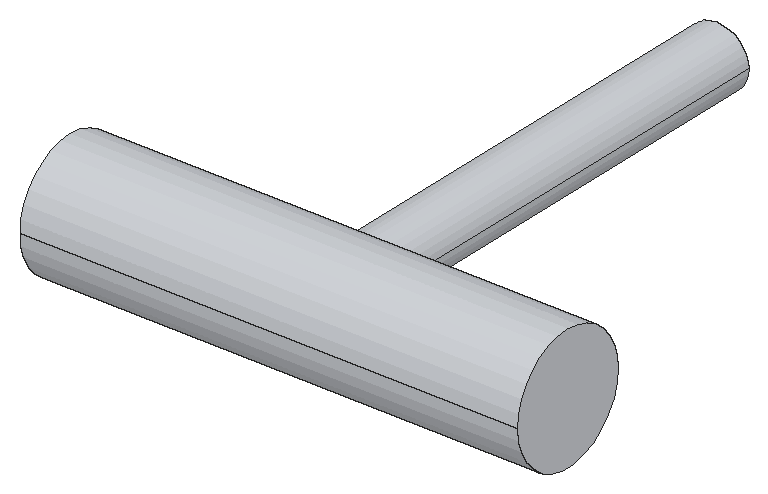
Revit family "Family-Pipe-Fitting-Tee", category Pipe Fittings, Revit 2020
Family settings
  Round Connector Dimension = Use Diameter
  Part Type = Elbow
  Work Plane-Based = No
  Always vertical = Yes
  Cut with Voids When Loaded = No
  Shared = No
Parameters
  Length Branch [instance] = 400 mm
  Length Main [instance] = 400 mm
  Diameter Main [instance] = 100 mm
  Diameter Branch [instance] = 50 mm
  Default Elevation = 0 mm
  Angle [instance] = 90.00°
Reference planes
  plane 1 "Center (Front/Back)": y = 0
  plane 2: z = 0
  plane 3 "Center (Left/Right)": x = 0
Forms (mm)
  Sweep 1, solid
    path in 3D
      loop
        line (-200, 0, 0) -> (200, 0, 0)
    profile origin (0, 0, 0) x (0, 1, 0) y (0, 0, 1)
      loop
        circle (0, 0) r 50
  Sweep 2, solid
    path in 3D
      loop
        line (0, 0, 0) -> (0, 400, 0)
    profile origin (0, 200, 0) x (-1, 0, 0) y (0, 0, 1)
      loop
        circle (0, 0) r 25
Lines and regions (mm)
  model lines
    curve 1: line (-200, 0, 0) -> (200, 0, 0)
    curve 2: line (0, 0, 0) -> (0, 400, 0)
  sketch lines
    curve 3: line (-200, 0, 0) -> (200, 0, 0)
    curve 4: line (0, 0, 0) -> (0, 400, 0)
Dimensions and locks
  "Length Branch": curve 2 to curve 2
  "Length Main": curve 1 to curve 1
  equal spacing: curve 1, plane 3 "Center (Left/Right)", curve 1
  "Diameter Branch": diameter of Sweep 2 sketch curve
  "Diameter Main": diameter of Sweep 1 sketch curve
  "Angle": angle curve 1 to curve 2
  aligned and locked: level to plane 2
Automatic sketch dimensions
  plane 1 "Center (Front/Back)" to curve 2 = 0 mm
  curve 2 to plane 3 "Center (Left/Right)" = 0 mm
  Sweep 1 sketch curve to profile plane = 0 mm  (x2)
  Sweep 2 sketch curve to profile plane = 0 mm  (x2)
Connectors
  piping at (-200, 0, 0), diameter 100, driven by "Diameter Main"
    settings: on Sweep 1, index 1, connector inside diameter 609.6 mm, connector length 0 mm, flow factor 0, pipe flow 0.0 L/s, pressure drop 0.0 Pa, fitting loss kfactor 0, connector angle 0.00°, fixture units 0, engagement length 0 mm, angle of deflection 0.00°, flow configuration 0, flow direction 0, fitting loss method 0, system type 7, joint type 0, gender type 0, connector reference index -1, connector utility 0, adjustable connector no, is connector primary yes, connector description ""
  piping at (0, 400, 0), diameter 50, driven by "Diameter Branch"
    settings: on Sweep 2, index 2, connector inside diameter 609.6 mm, connector length 0 mm, flow factor 0, pipe flow 0.0 L/s, pressure drop 0.0 Pa, fitting loss kfactor 0, connector angle 0.00°, fixture units 0, engagement length 0 mm, angle of deflection 0.00°, flow configuration 0, flow direction 0, fitting loss method 0, system type 7, joint type 0, gender type 0, connector reference index -1, connector utility 0, adjustable connector no, is connector primary no, connector description ""
  piping at (200, 0, 0), diameter 100, driven by "Diameter Main"
    settings: on Sweep 1, index 3, connector inside diameter 609.6 mm, connector length 0 mm, flow factor 0, pipe flow 0.0 L/s, pressure drop 0.0 Pa, fitting loss kfactor 0, connector angle 0.00°, fixture units 0, engagement length 0 mm, angle of deflection 0.00°, flow configuration 0, flow direction 0, fitting loss method 0, system type 7, joint type 0, gender type 0, connector reference index -1, connector utility 0, adjustable connector no, is connector primary no, connector description ""
